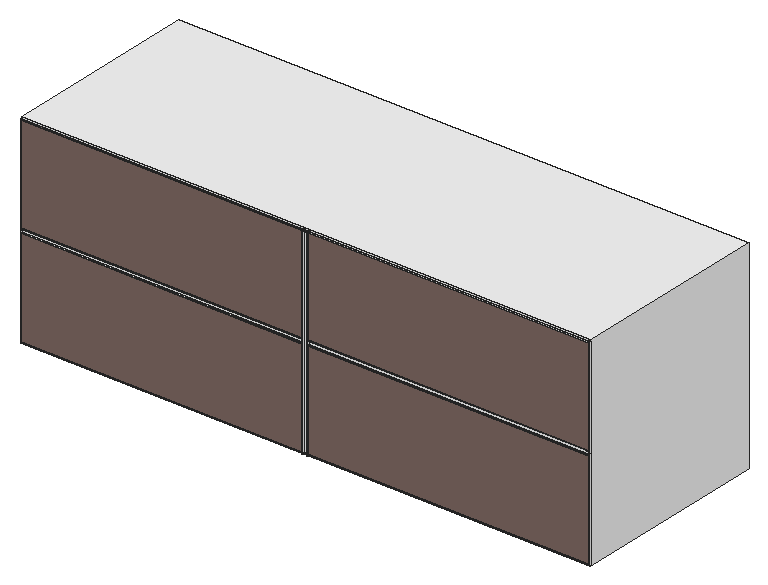
Revit family "vanity unit-hansgrohe-54199XXX-Xevolos E Vanity unit Matt White 1570_550 with 4 drawers for consoles with 2 countertop basins ground", category Furniture, Revit 2019
Family settings
  OmniClass Number = 23.40.00.00
  OmniClass Title = Equipment and Furnishings
  Work Plane-Based = No
  Always vertical = Yes
  Cut with Voids When Loaded = No
  Shared = Yes
  Room Calculation Point = No
Parameters (values of type "54199730-MATT_WHITE-DARK_OAK-200")
  etim7_EC011381 = "EC011381"
  WEIGHT = "92.3"
  UNSPSC = "56 | Furniture and Furnishings"
  UNIFORMATII = "E2010 | Fixed Furnishings"
  UNICLASS_2015_CODE = "40_30_78_05"
  UNICLASS2015 = "Pr_40_30_78_05 | Bathroom furniture"
  SURFACE = "DARK_OAK"
  REGION = "Worldwide"
  PRODUCTURL = "https://pro.hansgrohe.com/articledetail--54199320"
  PERMALINK = "54199XXX"
  OMNICLASS = "23-21 19 15 33 13 | Residential Bathroom Specialty Casework"
  OBJECTTYPE = "Object (single object)"
  OBERFLAECHE = "MATT_WHITE"
  NN = "Vanity unit with 4 drawers for consoles with 2 countertop basins ground"
  NBSYN = "$ARTNR.-$OBERFLAECHE.-$SURFACE.-$LODLEVEL."
  NB = "54199730-MATT_WHITE-DARK_OAK-200"
  NAME = "Xevolos E Vanity unit Matt White 1570/550 with 4 drawers for consoles with 2 countertop basins ground"
  Model = "54199730-MATT_WHITE-DARK_OAK-200"
  Manufacturer = "Hansgrohe"
  MIdent = "{$CADENAS_DATA/23d-libs/hansgrohe/xevolos_furniture/e_vanity_unit_4drawers_consoles_2countertop_basin/vanity_unit_4drawers_consoles_2countertopbasin.prj},278 {VTYP=3D},{NB=54199730-MATT_WHITE-DARK_OAK-200},{LINA=54199730-MATT_WHITE-DARK_OAK-200},{NN=Vanity unit with 4 drawers for consoles with 2 countertop basins ground},{DATE=13.03.2023 11:55:27},{GEOMDATE=12.03.2023 06:39:00},{VERSION=},{LINEID=120},{WBVAR=LODLEVEL},{WBNUMERIC=}  {NB=54199730-MATT_WHITE-DARK_OAK-200},{LINA=54199730-MATT_WHITE-DARK_OAK-200},{KT=DUMMY},{IDNR=12},{ARTNR=54199730},{BASENUMBER=54199},{MODEL=54199XXX},{OBERFLAECHE=MATT_WHITE},{SURFACE=DARK_OAK},{L=1570},{LODLEVEL=200},{LODLEVELX='400','400','200','200'},{NAME=Xevolos E Vanity unit Matt White 1570/550 with 4 drawers for consoles with 2 countertop basins ground},{PERMALINK=54199XXX},{OBJECTTYPE=Object (single object)},{BIMOBJECT=Sanitary: Compound units},{COLLECTIONSET=Xevolos E},{COLLECTION=vanity unit},{WEIGHT=92.3},{DESCRIPTION=Xevolos E Vanity unit Matt White 1570/550 with 4 drawers for consoles with 2 countertop basins ground},{PRODUCTURL=https://pro.hansgrohe.com/articledetail--54199320},{GTINCODE=0},{TENDERURL=0},{IFC=Furnishing element},{ETIM=EC011381 | Bathroom furniture set},{UNICLASS2015=Pr_40_30_78_05 | Bathroom furniture},{OMNICLASS=23-21 19 15 33 13 | Residential Bathroom Specialty Casework},{MASTERFORMAT=12 35 30.23 | Bathroom Casework},{UNSPSC=56 | Furniture and Furnishings},{UNIFORMATII=E2010 | Fixed Furnishings},{REGION=Worldwide},{DESIGN=Germany},{MANUFACTURER=Germany}"
  MASTERFORMAT = "12 35 30.23 | Bathroom Casework"
  LODLEVEL = "200"
  LINA = "54199730-MATT_WHITE-DARK_OAK-200"
  L = 1570
  IFC = "Furnishing element"
  IDNR = 12
  ETIM = "EC011381 | Bathroom furniture set"
  DESIGN = "Germany"
  COLLECTIONSET = "Xevolos E"
  COLLECTION = "vanity unit"
  CATALOG = "Hansgrohe"
  BIMOBJECT = "Sanitary: Compound units"
  BASENUMBER = "54199"
  ARTNR = "54199730"
  54199730-MATT_WHITE-DARK_OAK-400_RX0RY0RZ0TX0TY0TZ0_V = no
  54199730-MATT_WHITE-DARK_OAK-200_RX0RY0RZ0TX0TY0TZ0_V = yes
  54199390-MATT_WHITE-PATTEREND_BRONZE-400_RX0RY0RZ0TX0TY0TZ0_V = no
  54199390-MATT_WHITE-PATTEREND_BRONZE-200_RX0RY0RZ0TX0TY0TZ0_V = no
  54199320-MATT_WHITE-METALLIC_WHITE-400_RX0RY0RZ0TX0TY0TZ0_V = no
  54199320-MATT_WHITE-METALLIC_WHITE-200_RX0RY0RZ0TX0TY0TZ0_V = no
Reference planes
  plane 1 "Center (Front/Back)": y = 0
  plane 2: z = 0
  plane 3 "Center (Left/Right)": x = 0
Dimensions and locks
  aligned and locked: level to plane 2
Nested families
  nested 1: "54199320-matt_white-metallic_white-200_content" at (0, 0, 0), visible <- "54199320-MATT_WHITE-METALLIC_WHITE-200_RX0RY0RZ0TX0TY0TZ0_V", ContentVisible <- "54199320-MATT_WHITE-METALLIC_WHITE-200_RX0RY0RZ0TX0TY0TZ0_V", type "54199320-MATT_WHITE-METALLIC_WHITE-200_Content"
    with ContentVisible no
  nested 2: "54199320-matt_white-metallic_white-400_content" at (0, 0, 0), visible <- "54199320-MATT_WHITE-METALLIC_WHITE-400_RX0RY0RZ0TX0TY0TZ0_V", ContentVisible <- "54199320-MATT_WHITE-METALLIC_WHITE-400_RX0RY0RZ0TX0TY0TZ0_V", type "54199320-MATT_WHITE-METALLIC_WHITE-400_Content"
    with ContentVisible no
  nested 3: "54199390-matt_white-patterend_bronze-200_content" at (0, 0, 0), visible <- "54199390-MATT_WHITE-PATTEREND_BRONZE-200_RX0RY0RZ0TX0TY0TZ0_V", ContentVisible <- "54199390-MATT_WHITE-PATTEREND_BRONZE-200_RX0RY0RZ0TX0TY0TZ0_V", type "54199390-MATT_WHITE-PATTEREND_BRONZE-200_Content"
    with ContentVisible no
  nested 4: "54199390-matt_white-patterend_bronze-400_content" at (0, 0, 0), visible <- "54199390-MATT_WHITE-PATTEREND_BRONZE-400_RX0RY0RZ0TX0TY0TZ0_V", ContentVisible <- "54199390-MATT_WHITE-PATTEREND_BRONZE-400_RX0RY0RZ0TX0TY0TZ0_V", type "54199390-MATT_WHITE-PATTEREND_BRONZE-400_Content"
    with ContentVisible no
  nested 5: "54199730-matt_white-dark_oak-200_content" at (0, 0, 0), visible <- "54199730-MATT_WHITE-DARK_OAK-200_RX0RY0RZ0TX0TY0TZ0_V", ContentVisible <- "54199730-MATT_WHITE-DARK_OAK-200_RX0RY0RZ0TX0TY0TZ0_V", type "54199730-MATT_WHITE-DARK_OAK-200_Content"
    with ContentVisible yes
  nested 6: "54199730-matt_white-dark_oak-400_content" at (0, 0, 0), visible <- "54199730-MATT_WHITE-DARK_OAK-400_RX0RY0RZ0TX0TY0TZ0_V", ContentVisible <- "54199730-MATT_WHITE-DARK_OAK-400_RX0RY0RZ0TX0TY0TZ0_V", type "54199730-MATT_WHITE-DARK_OAK-400_Content"
    with ContentVisible no
Definition of nested family "54199730-matt_white-dark_oak-200_content"
  Parameters (values of type "54199730-MATT_WHITE-DARK_OAK-200_Content")
    etim7_EC011381 = "EC011381"
    WEIGHT = "92.3"
    UNSPSC = "56 | Furniture and Furnishings"
    UNIFORMATII = "E2010 | Fixed Furnishings"
    UNICLASS_2015_CODE = "40_30_78_05"
    UNICLASS2015 = "Pr_40_30_78_05 | Bathroom furniture"
    SURFACE = "DARK_OAK"
    REGION = "Worldwide"
    PRODUCTURL = "https://pro.hansgrohe.com/articledetail--54199320"
    PERMALINK = "54199XXX"
    OMNICLASS = "23-21 19 15 33 13 | Residential Bathroom Specialty Casework"
    OBJECTTYPE = "Object (single object)"
    OBERFLAECHE = "MATT_WHITE"
    NN = "Vanity unit with 4 drawers for consoles with 2 countertop basins ground"
    NBSYN = "$ARTNR.-$OBERFLAECHE.-$SURFACE.-$LODLEVEL."
    NB = "54199730-MATT_WHITE-DARK_OAK-200"
    NAME = "Xevolos E Vanity unit Matt White 1570/550 with 4 drawers for consoles with 2 countertop basins ground"
    Model = "54199730-MATT_WHITE-DARK_OAK-200"
    Manufacturer = "Hansgrohe"
    MASTERFORMAT = "12 35 30.23 | Bathroom Casework"
    LODLEVEL = "200"
    LINA = "54199730-MATT_WHITE-DARK_OAK-200"
    L = 1570
    IFC = "Furnishing element"
    IDNR = 12
    ETIM = "EC011381 | Bathroom furniture set"
    Default Elevation = 1219.2 mm
    DESIGN = "Germany"
    ContentVisible [instance] = yes
    COLLECTIONSET = "Xevolos E"
    COLLECTION = "vanity unit"
    CATALOG = "Hansgrohe"
    BIMOBJECT = "Sanitary: Compound units"
    BASENUMBER = "54199"
    ARTNR = "54199730"
  Reference planes
    plane 1 "Center (Front/Back)": y = 0
    plane 2: z = 0
    plane 3 "Center (Left/Right)": x = 0
  Forms (mm)
    Extrusion 1, solid, visible <- "ContentVisible", detail levels medium+fine
      sketch origin (0, 0, 0) x (1, 0, 0) y (0, 1, 0)
        loop
          line (-785, 0) -> (-785, -544.3) -> (785, -544.3) -> (785, 0) -> (-785, 0)
      from 0 to 558
    Extrusion 2, solid, visible <- "ContentVisible", detail levels medium+fine
      sketch origin (0, -544.3, 0) x (1, 0, 0) y (0, 0, -1)
        loop
          line (-785, -278) -> (-783, -278) -> (-783, -4) -> (783, -4) -> (783, -278) -> (785, -278) -> (785, -2) -> (-785, -2) -> (-785, -278)
      from -4 to 0
    Extrusion 3, solid, visible <- "ContentVisible", detail levels medium+fine
      sketch origin (0, -544.3, 0) x (1, 0, 0) y (0, 0, -1)
        loop
          line (-785, -278) -> (-785, -554) -> (785, -554) -> (785, -278) -> (783, -278) -> (783, -552) -> (-783, -552) -> (-783, -278) -> (-785, -278)
      from -4 to 0
    Extrusion 4, solid, visible <- "ContentVisible", detail levels medium+fine
      sketch origin (0, -544.3, 0) x (1, 0, 0) y (0, 0, -1)
        loop
          line (-783, -272.5) -> (-7, -272.5) -> (-7, -4) -> (-783, -4) -> (-783, -272.5)
      from -4 to 0
    Extrusion 5, solid, visible <- "ContentVisible", detail levels medium+fine
      sketch origin (0, -544.3, 0) x (1, 0, 0) y (0, 0, -1)
        loop
          line (7, -272.5) -> (783, -272.5) -> (783, -4) -> (7, -4) -> (7, -272.5)
      from -2 to 0
    Extrusion 6, solid, visible <- "ContentVisible", detail levels medium+fine
      sketch origin (0, -544.3, 0) x (1, 0, 0) y (0, 0, -1)
        loop
          line (-783, -554) -> (-7, -554) -> (-7, -285.5) -> (-783, -285.5) -> (-783, -554)
      from -4 to 0
    Extrusion 7, solid, visible <- "ContentVisible", detail levels medium+fine
      sketch origin (0, -544.3, 0) x (1, 0, 0) y (0, 0, -1)
        loop
          line (7, -554) -> (783, -554) -> (783, -285.5) -> (7, -285.5) -> (7, -554)
      from -4 to 0
    Extrusion 8, solid, visible <- "ContentVisible", detail levels medium+fine
      sketch origin (0, 0, 272.5) x (1, 0, 0) y (0, 1, 0)
        loop
          line (-783, -527) -> (-783, -548.3) -> (-7, -548.3) -> (-7, -527) -> (-783, -527)
      from 0 to 2
    Extrusion 9, solid, visible <- "ContentVisible", detail levels medium+fine
      sketch origin (0, 0, 272.5) x (1, 0, 0) y (0, 1, 0)
        loop
          line (7, -527) -> (7, -548.3) -> (783, -548.3) -> (783, -527) -> (7, -527)
      from 0 to 2
    Extrusion 10, solid, visible <- "ContentVisible", detail levels medium+fine
      sketch origin (0, 0, 285.5) x (1, 0, 0) y (0, 1, 0)
        loop
          line (-783, -527) -> (-783, -548.3) -> (-7, -548.3) -> (-7, -527) -> (-783, -527)
      from -2 to 0
    Extrusion 11, solid, visible <- "ContentVisible", detail levels medium+fine
      sketch origin (0, 0, 285.5) x (1, 0, 0) y (0, 1, 0)
        loop
          line (7, -527) -> (7, -548.3) -> (783, -548.3) -> (783, -527) -> (7, -527)
      from -2 to 0
    Extrusion 12, solid, visible <- "ContentVisible", detail levels medium+fine
      sketch origin (0, 0, 0) x (1, 0, 0) y (0, 1, 0)
        loop
          line (-7, -544.3) -> (-7, -548.3) -> (-5, -548.3) -> (-5, -544.3) -> (-7, -544.3)
      from 0 to 554
    Extrusion 13, solid, visible <- "ContentVisible", detail levels medium+fine
      sketch origin (0, 0, 0) x (1, 0, 0) y (0, 1, 0)
        loop
          line (5, -544.3) -> (5, -548.3) -> (7, -548.3) -> (7, -544.3) -> (5, -544.3)
      from 0 to 554
    Extrusion 14, solid, visible <- "ContentVisible", detail levels coarse
      sketch origin (0, -274.15, 0) x (1, 0, 0) y (0, 1, 0)
        loop
          line (-785, -274.15) -> (785, -274.15) -> (785, 274.15) -> (-785, 274.15) -> (-785, -274.15)
      from 0 to 558
  Dimensions and locks
    aligned and locked: level to plane 2
Definition of nested family "54199320-matt_white-metallic_white-200_content"
  Parameters (values of type "54199320-MATT_WHITE-METALLIC_WHITE-200_Content")
    etim7_EC011381 = "EC011381"
    WEIGHT = "92.3"
    UNSPSC = "56 | Furniture and Furnishings"
    UNIFORMATII = "E2010 | Fixed Furnishings"
    UNICLASS_2015_CODE = "40_30_78_05"
    UNICLASS2015 = "Pr_40_30_78_05 | Bathroom furniture"
    SURFACE = "METALLIC_WHITE"
    REGION = "Worldwide"
    PRODUCTURL = "https://pro.hansgrohe.com/articledetail--54199320"
    PERMALINK = "54199XXX"
    OMNICLASS = "23-21 19 15 33 13 | Residential Bathroom Specialty Casework"
    OBJECTTYPE = "Object (single object)"
    OBERFLAECHE = "MATT_WHITE"
    NN = "Vanity unit with 4 drawers for consoles with 2 countertop basins ground"
    NBSYN = "$ARTNR.-$OBERFLAECHE.-$SURFACE.-$LODLEVEL."
    NB = "54199320-MATT_WHITE-METALLIC_WHITE-200"
    NAME = "Xevolos E Vanity unit Matt White 1570/550 with 4 drawers for consoles with 2 countertop basins ground"
    Model = "54199320-MATT_WHITE-METALLIC_WHITE-200"
    Manufacturer = "Hansgrohe"
    MASTERFORMAT = "12 35 30.23 | Bathroom Casework"
    LODLEVEL = "200"
    LINA = "54199320-MATT_WHITE-METALLIC_WHITE-200"
    L = 1570
    IFC = "Furnishing element"
    IDNR = 10
    ETIM = "EC011381 | Bathroom furniture set"
    Default Elevation = 1219.2 mm
    DESIGN = "Germany"
    ContentVisible [instance] = yes
    COLLECTIONSET = "Xevolos E"
    COLLECTION = "vanity unit"
    CATALOG = "Hansgrohe"
    BIMOBJECT = "Sanitary: Compound units"
    BASENUMBER = "54199"
    ARTNR = "54199320"
  Reference planes
    plane 1 "Center (Front/Back)": y = 0
    plane 2: z = 0
    plane 3 "Center (Left/Right)": x = 0
  Forms (mm)
    Extrusion 1, solid, visible <- "ContentVisible", detail levels medium+fine
      sketch origin (0, 0, 0) x (1, 0, 0) y (0, 1, 0)
        loop
          line (-785, 0) -> (-785, -544.3) -> (785, -544.3) -> (785, 0) -> (-785, 0)
      from 0 to 558
    Extrusion 2, solid, visible <- "ContentVisible", detail levels medium+fine
      sketch origin (0, -544.3, 0) x (1, 0, 0) y (0, 0, -1)
        loop
          line (-785, -278) -> (-783, -278) -> (-783, -4) -> (783, -4) -> (783, -278) -> (785, -278) -> (785, -2) -> (-785, -2) -> (-785, -278)
      from -4 to 0
    Extrusion 3, solid, visible <- "ContentVisible", detail levels medium+fine
      sketch origin (0, -544.3, 0) x (1, 0, 0) y (0, 0, -1)
        loop
          line (-785, -278) -> (-785, -554) -> (785, -554) -> (785, -278) -> (783, -278) -> (783, -552) -> (-783, -552) -> (-783, -278) -> (-785, -278)
      from -4 to 0
    Extrusion 4, solid, visible <- "ContentVisible", detail levels medium+fine
      sketch origin (0, -544.3, 0) x (1, 0, 0) y (0, 0, -1)
        loop
          line (-783, -272.5) -> (-7, -272.5) -> (-7, -4) -> (-783, -4) -> (-783, -272.5)
      from -4 to 0
    Extrusion 5, solid, visible <- "ContentVisible", detail levels medium+fine
      sketch origin (0, -544.3, 0) x (1, 0, 0) y (0, 0, -1)
        loop
          line (7, -272.5) -> (783, -272.5) -> (783, -4) -> (7, -4) -> (7, -272.5)
      from -2 to 0
    Extrusion 6, solid, visible <- "ContentVisible", detail levels medium+fine
      sketch origin (0, -544.3, 0) x (1, 0, 0) y (0, 0, -1)
        loop
          line (-783, -554) -> (-7, -554) -> (-7, -285.5) -> (-783, -285.5) -> (-783, -554)
      from -4 to 0
    Extrusion 7, solid, visible <- "ContentVisible", detail levels medium+fine
      sketch origin (0, -544.3, 0) x (1, 0, 0) y (0, 0, -1)
        loop
          line (7, -554) -> (783, -554) -> (783, -285.5) -> (7, -285.5) -> (7, -554)
      from -4 to 0
    Extrusion 8, solid, visible <- "ContentVisible", detail levels medium+fine
      sketch origin (0, 0, 272.5) x (1, 0, 0) y (0, 1, 0)
        loop
          line (-783, -527) -> (-783, -548.3) -> (-7, -548.3) -> (-7, -527) -> (-783, -527)
      from 0 to 2
    Extrusion 9, solid, visible <- "ContentVisible", detail levels medium+fine
      sketch origin (0, 0, 272.5) x (1, 0, 0) y (0, 1, 0)
        loop
          line (7, -527) -> (7, -548.3) -> (783, -548.3) -> (783, -527) -> (7, -527)
      from 0 to 2
    Extrusion 10, solid, visible <- "ContentVisible", detail levels medium+fine
      sketch origin (0, 0, 285.5) x (1, 0, 0) y (0, 1, 0)
        loop
          line (-783, -527) -> (-783, -548.3) -> (-7, -548.3) -> (-7, -527) -> (-783, -527)
      from -2 to 0
    Extrusion 11, solid, visible <- "ContentVisible", detail levels medium+fine
      sketch origin (0, 0, 285.5) x (1, 0, 0) y (0, 1, 0)
        loop
          line (7, -527) -> (7, -548.3) -> (783, -548.3) -> (783, -527) -> (7, -527)
      from -2 to 0
    Extrusion 12, solid, visible <- "ContentVisible", detail levels medium+fine
      sketch origin (0, 0, 0) x (1, 0, 0) y (0, 1, 0)
        loop
          line (-7, -544.3) -> (-7, -548.3) -> (-5, -548.3) -> (-5, -544.3) -> (-7, -544.3)
      from 0 to 554
    Extrusion 13, solid, visible <- "ContentVisible", detail levels medium+fine
      sketch origin (0, 0, 0) x (1, 0, 0) y (0, 1, 0)
        loop
          line (5, -544.3) -> (5, -548.3) -> (7, -548.3) -> (7, -544.3) -> (5, -544.3)
      from 0 to 554
    Extrusion 14, solid, visible <- "ContentVisible", detail levels coarse
      sketch origin (0, -274.15, 0) x (1, 0, 0) y (0, 1, 0)
        loop
          line (-785, -274.15) -> (785, -274.15) -> (785, 274.15) -> (-785, 274.15) -> (-785, -274.15)
      from 0 to 558
  Dimensions and locks
    aligned and locked: level to plane 2
Definition of nested family "54199320-matt_white-metallic_white-400_content"
  Parameters (values of type "54199320-MATT_WHITE-METALLIC_WHITE-400_Content")
    etim7_EC011381 = "EC011381"
    WEIGHT = "92.3"
    UNSPSC = "56 | Furniture and Furnishings"
    UNIFORMATII = "E2010 | Fixed Furnishings"
    UNICLASS_2015_CODE = "40_30_78_05"
    UNICLASS2015 = "Pr_40_30_78_05 | Bathroom furniture"
    SURFACE = "METALLIC_WHITE"
    REGION = "Worldwide"
    PRODUCTURL = "https://pro.hansgrohe.com/articledetail--54199320"
    PERMALINK = "54199XXX"
    OMNICLASS = "23-21 19 15 33 13 | Residential Bathroom Specialty Casework"
    OBJECTTYPE = "Object (single object)"
    OBERFLAECHE = "MATT_WHITE"
    NN = "Vanity unit with 4 drawers for consoles with 2 countertop basins ground"
    NBSYN = "$ARTNR.-$OBERFLAECHE.-$SURFACE.-$LODLEVEL."
    NB = "54199320-MATT_WHITE-METALLIC_WHITE-400"
    NAME = "Xevolos E Vanity unit Matt White 1570/550 with 4 drawers for consoles with 2 countertop basins ground"
    Model = "54199320-MATT_WHITE-METALLIC_WHITE-400"
    Manufacturer = "Hansgrohe"
    MASTERFORMAT = "12 35 30.23 | Bathroom Casework"
    LODLEVEL = "400"
    LINA = "54199320-MATT_WHITE-METALLIC_WHITE-400"
    L = 1570
    IFC = "Furnishing element"
    IDNR = 10
    ETIM = "EC011381 | Bathroom furniture set"
    Default Elevation = 1219.2 mm
    DESIGN = "Germany"
    ContentVisible [instance] = yes
    COLLECTIONSET = "Xevolos E"
    COLLECTION = "vanity unit"
    CATALOG = "Hansgrohe"
    BIMOBJECT = "Sanitary: Compound units"
    BASENUMBER = "54199"
    ARTNR = "54199320"
  Reference planes
    plane 1 "Center (Front/Back)": y = 0
    plane 2: z = 0
    plane 3 "Center (Left/Right)": x = 0
  Forms (mm)
    Extrusion 1, solid, visible <- "ContentVisible", detail levels medium+fine
      sketch origin (0, 0, 0) x (1, 0, 0) y (0, 1, 0)
        loop
          line (-785, 0) -> (-785, -548.3) -> (-783, -548.3) -> (-783, -544.3) -> (-769, -544.3) -> (-769, 0) -> (-785, 0)
      from 0 to 558
    Extrusion 2, solid, visible <- "ContentVisible", detail levels medium+fine
      sketch origin (0, 0, 0) x (1, 0, 0) y (0, 1, 0)
        loop
          line (-769, -131.5) -> (-769, -498) -> (769, -498) -> (769, -131.5) -> (-769, -131.5)
      from 0 to 16
    Extrusion 3, solid, visible <- "ContentVisible", detail levels medium+fine
      sketch origin (0, 0, 0) x (1, 0, 0) y (0, 1, 0)
        loop
          line (769, 0) -> (769, -544.3) -> (783, -544.3) -> (783, -548.3) -> (785, -548.3) -> (785, 0) -> (769, 0)
      from 0 to 558
    Extrusion 4, solid, visible <- "ContentVisible", detail levels medium+fine
      sketch origin (0, 0, 0.5) x (1, 0, 0) y (0, 1, 0)
        loop
          line (-769, -115.5) -> (-769, -131.5) -> (769, -131.5) -> (769, -115.5) -> (-769, -115.5)
      from 0 to 126
    Extrusion 5, solid, visible <- "ContentVisible", detail levels medium+fine
      sketch origin (0, 0, 0) x (1, 0, 0) y (0, 1, 0)
        loop
          line (-5, -536) -> (5, -536) -> (5, 0) -> (-5, 0) -> (-5, -536)
      from 0 to 558
    Extrusion 6, solid, visible <- "ContentVisible", detail levels medium+fine
      sketch origin (0, 0, 0) x (1, 0, 0) y (0, 1, 0)
        loop
          line (-21, 0) -> (-21, -544.3) -> (-7, -544.3) -> (-7, -548.3) -> (-5, -548.3) -> (-5, 0) -> (-21, 0)
      from 0 to 558
    Extrusion 7, solid, visible <- "ContentVisible", detail levels medium+fine
      sketch origin (0, 0, 0) x (1, 0, 0) y (0, 1, 0)
        loop
          line (5, 0) -> (5, -548.3) -> (7, -548.3) -> (7, -544.3) -> (21, -544.3) -> (21, 0) -> (5, 0)
      from 0 to 558
    Extrusion 8, solid, visible <- "ContentVisible", detail levels medium+fine
      sketch origin (0, 0, 2) x (1, 0, 0) y (0, 1, 0)
        loop
          line (-783, -527) -> (-783, -548.3) -> (-7, -548.3) -> (-7, -527) -> (-783, -527)
      from 0 to 2
    Extrusion 9, solid, visible <- "ContentVisible", detail levels medium+fine
      sketch origin (0, 0, 2) x (1, 0, 0) y (0, 1, 0)
        loop
          line (7, -527) -> (7, -548.3) -> (783, -548.3) -> (783, -527) -> (7, -527)
      from 0 to 2
    Extrusion 10, solid, visible <- "ContentVisible", detail levels medium+fine
      sketch origin (0, 0, 556) x (1, 0, 0) y (0, 1, 0)
        loop
          line (-783, -527) -> (-783, -548.3) -> (-7, -548.3) -> (-7, -527) -> (-783, -527)
      from -2 to 0
    Extrusion 11, solid, visible <- "ContentVisible", detail levels medium+fine
      sketch origin (0, 0, 556) x (1, 0, 0) y (0, 1, 0)
        loop
          line (7, -527) -> (7, -548.3) -> (783, -548.3) -> (783, -527) -> (7, -527)
      from -2 to 0
    Extrusion 12, solid, visible <- "ContentVisible", detail levels medium+fine
      sketch origin (0, -544.3, 0) x (1, 0, 0) y (0, 0, -1)
        loop
          line (-783, -272.5) -> (-7, -272.5) -> (-7, -4) -> (-783, -4) -> (-783, -272.5)
      from -4 to 0
    Extrusion 13, solid, visible <- "ContentVisible", detail levels medium+fine
      sketch origin (0, -544.3, 0) x (1, 0, 0) y (0, 0, -1)
        loop
          line (7, -272.5) -> (783, -272.5) -> (783, -4) -> (7, -4) -> (7, -272.5)
      from -2 to 0
    Extrusion 14, solid, visible <- "ContentVisible", detail levels medium+fine
      sketch origin (0, -544.3, 0) x (1, 0, 0) y (0, 0, -1)
        loop
          line (-783, -554) -> (-7, -554) -> (-7, -285.5) -> (-783, -285.5) -> (-783, -554)
      from -4 to 0
    Extrusion 15, solid, visible <- "ContentVisible", detail levels medium+fine
      sketch origin (0, -544.3, 0) x (1, 0, 0) y (0, 0, -1)
        loop
          line (7, -554) -> (783, -554) -> (783, -285.5) -> (7, -285.5) -> (7, -554)
      from -4 to 0
    Extrusion 16, solid, visible <- "ContentVisible", detail levels medium+fine
      sketch origin (0, 0, 272.5) x (1, 0, 0) y (0, 1, 0)
        loop
          line (-783, -527) -> (-783, -548.3) -> (-7, -548.3) -> (-7, -527) -> (-783, -527)
      from 0 to 2
    Extrusion 17, solid, visible <- "ContentVisible", detail levels medium+fine
      sketch origin (0, 0, 272.5) x (1, 0, 0) y (0, 1, 0)
        loop
          line (7, -527) -> (7, -548.3) -> (783, -548.3) -> (783, -527) -> (7, -527)
      from 0 to 2
    Extrusion 18, solid, visible <- "ContentVisible", detail levels medium+fine
      sketch origin (0, 0, 285.5) x (1, 0, 0) y (0, 1, 0)
        loop
          line (-783, -527) -> (-783, -548.3) -> (-7, -548.3) -> (-7, -527) -> (-783, -527)
      from -2 to 0
    Extrusion 19, solid, visible <- "ContentVisible", detail levels medium+fine
      sketch origin (0, 0, 285.5) x (1, 0, 0) y (0, 1, 0)
        loop
          line (7, -527) -> (7, -548.3) -> (783, -548.3) -> (783, -527) -> (7, -527)
      from -2 to 0
    Extrusion 20, solid, visible <- "ContentVisible", detail levels medium+fine
      sketch origin (0, -544.3, 0) x (1, 0, 0) y (0, 0, -1)
        loop
          line (-783, -274.5) -> (-7, -274.5) -> (-7, -4.5) -> (-783, -4.5) -> (-783, -274.5)
        loop
          line (-709, -80.5) -> (-709, -272.5) -> (-81, -272.5) -> (-81, -80.5) -> (-709, -80.5)
      from 0 to 17
    Extrusion 21, solid, visible <- "ContentVisible", detail levels medium+fine
      sketch origin (0, -544.3, 0) x (1, 0, 0) y (0, 0, -1)
        loop
          line (7, -4.5) -> (7, -274.5) -> (783, -274.5) -> (783, -4.5) -> (7, -4.5)
        loop
          line (81, -80.5) -> (81, -272.5) -> (709, -272.5) -> (709, -80.5) -> (81, -80.5)
      from 0 to 17
    Extrusion 22, solid, visible <- "ContentVisible", detail levels medium+fine
      sketch origin (0, -544.3, 0) x (1, 0, 0) y (0, 0, -1)
        loop
          line (-783, -553.5) -> (-707, -553.5) -> (-707, -361.5) -> (-83, -361.5) -> (-83, -553.5) -> (-7, -553.5) -> (-7, -285.5) -> (-783, -285.5) -> (-783, -553.5)
      from 0 to 17
    Extrusion 23, solid, visible <- "ContentVisible", detail levels medium+fine
      sketch origin (0, -544.3, 0) x (1, 0, 0) y (0, 0, -1)
        loop
          line (7, -285.5) -> (7, -553.5) -> (83, -553.5) -> (83, -361.5) -> (707, -361.5) -> (707, -553.5) -> (783, -553.5) -> (783, -285.5) -> (7, -285.5)
      from 0 to 17
    Extrusion 24, solid, visible <- "ContentVisible", detail levels medium+fine
      sketch origin (0, 0, 0) x (0, 0, -1) y (0, 1, 0)
        loop
          line (-285, -395.5) -> (-285, -520) -> (-269, -520) -> (-269, -395.5) -> (-285, -395.5)
      from -769 to 769
    Extrusion 25, solid, visible <- "ContentVisible", detail levels medium+fine
      sketch origin (0, 0, 557.5) x (1, 0, 0) y (0, 1, 0)
        loop
          line (-769, -521.5) -> (-21, -521.5) -> (-21, -23) -> (-195, -23) -> (-195, -273)
          arc (-195, -273) -> (-224.289, -343.711) -> (-295, -373) r 100
          line (-295, -373) -> (-395, -373)
          arc (-395, -373) -> (-465.711, -343.711) -> (-495, -273) r 100
          line (-495, -273) -> (-495, -23) -> (-769, -23) -> (-769, -521.5)
      from -16 to 0
    Extrusion 26, solid, visible <- "ContentVisible", detail levels medium+fine
      sketch origin (0, 0, 557.5) x (1, 0, 0) y (0, 1, 0)
        loop
          line (21, -23) -> (21, -521.5) -> (769, -521.5) -> (769, -23) -> (495, -23) -> (495, -273)
          arc (495, -273) -> (465.711, -343.711) -> (395, -373) r 100
          line (395, -373) -> (295, -373)
          arc (295, -373) -> (224.289, -343.711) -> (195, -273) r 100
          line (195, -273) -> (195, -23) -> (21, -23)
      from -16 to 0
    Extrusion 27, solid, visible <- "ContentVisible", detail levels coarse
      sketch origin (0, -274.15, 0) x (1, 0, 0) y (0, 1, 0)
        loop
          line (-785, -274.15) -> (785, -274.15) -> (785, 274.15) -> (-785, 274.15) -> (-785, -274.15)
      from 0 to 558
  Dimensions and locks
    aligned and locked: level to plane 2
Definition of nested family "54199390-matt_white-patterend_bronze-200_content"
  Parameters (values of type "54199390-MATT_WHITE-PATTEREND_BRONZE-200_Content")
    etim7_EC011381 = "EC011381"
    WEIGHT = "92.3"
    UNSPSC = "56 | Furniture and Furnishings"
    UNIFORMATII = "E2010 | Fixed Furnishings"
    UNICLASS_2015_CODE = "40_30_78_05"
    UNICLASS2015 = "Pr_40_30_78_05 | Bathroom furniture"
    SURFACE = "PATTEREND_BRONZE"
    REGION = "Worldwide"
    PRODUCTURL = "https://pro.hansgrohe.com/articledetail--54199320"
    PERMALINK = "54199XXX"
    OMNICLASS = "23-21 19 15 33 13 | Residential Bathroom Specialty Casework"
    OBJECTTYPE = "Object (single object)"
    OBERFLAECHE = "MATT_WHITE"
    NN = "Vanity unit with 4 drawers for consoles with 2 countertop basins ground"
    NBSYN = "$ARTNR.-$OBERFLAECHE.-$SURFACE.-$LODLEVEL."
    NB = "54199390-MATT_WHITE-PATTEREND_BRONZE-200"
    NAME = "Xevolos E Vanity unit Matt White 1570/550 with 4 drawers for consoles with 2 countertop basins ground"
    Model = "54199390-MATT_WHITE-PATTEREND_BRONZE-200"
    Manufacturer = "Hansgrohe"
    MASTERFORMAT = "12 35 30.23 | Bathroom Casework"
    LODLEVEL = "200"
    LINA = "54199390-MATT_WHITE-PATTEREND_BRONZE-200"
    L = 1570
    IFC = "Furnishing element"
    IDNR = 11
    ETIM = "EC011381 | Bathroom furniture set"
    Default Elevation = 1219.2 mm
    DESIGN = "Germany"
    ContentVisible [instance] = yes
    COLLECTIONSET = "Xevolos E"
    COLLECTION = "vanity unit"
    CATALOG = "Hansgrohe"
    BIMOBJECT = "Sanitary: Compound units"
    BASENUMBER = "54199"
    ARTNR = "54199390"
  Reference planes
    plane 1 "Center (Front/Back)": y = 0
    plane 2: z = 0
    plane 3 "Center (Left/Right)": x = 0
  Forms (mm)
    Extrusion 1, solid, visible <- "ContentVisible", detail levels medium+fine
      sketch origin (0, 0, 0) x (1, 0, 0) y (0, 1, 0)
        loop
          line (-785, 0) -> (-785, -544.3) -> (785, -544.3) -> (785, 0) -> (-785, 0)
      from 0 to 558
    Extrusion 2, solid, visible <- "ContentVisible", detail levels medium+fine
      sketch origin (0, -544.3, 0) x (1, 0, 0) y (0, 0, -1)
        loop
          line (-785, -278) -> (-783, -278) -> (-783, -4) -> (783, -4) -> (783, -278) -> (785, -278) -> (785, -2) -> (-785, -2) -> (-785, -278)
      from -4 to 0
    Extrusion 3, solid, visible <- "ContentVisible", detail levels medium+fine
      sketch origin (0, -544.3, 0) x (1, 0, 0) y (0, 0, -1)
        loop
          line (-785, -278) -> (-785, -554) -> (785, -554) -> (785, -278) -> (783, -278) -> (783, -552) -> (-783, -552) -> (-783, -278) -> (-785, -278)
      from -4 to 0
    Extrusion 4, solid, visible <- "ContentVisible", detail levels medium+fine
      sketch origin (0, -544.3, 0) x (1, 0, 0) y (0, 0, -1)
        loop
          line (-783, -272.5) -> (-7, -272.5) -> (-7, -4) -> (-783, -4) -> (-783, -272.5)
      from -4 to 0
    Extrusion 5, solid, visible <- "ContentVisible", detail levels medium+fine
      sketch origin (0, -544.3, 0) x (1, 0, 0) y (0, 0, -1)
        loop
          line (7, -272.5) -> (783, -272.5) -> (783, -4) -> (7, -4) -> (7, -272.5)
      from -2 to 0
    Extrusion 6, solid, visible <- "ContentVisible", detail levels medium+fine
      sketch origin (0, -544.3, 0) x (1, 0, 0) y (0, 0, -1)
        loop
          line (-783, -554) -> (-7, -554) -> (-7, -285.5) -> (-783, -285.5) -> (-783, -554)
      from -4 to 0
    Extrusion 7, solid, visible <- "ContentVisible", detail levels medium+fine
      sketch origin (0, -544.3, 0) x (1, 0, 0) y (0, 0, -1)
        loop
          line (7, -554) -> (783, -554) -> (783, -285.5) -> (7, -285.5) -> (7, -554)
      from -4 to 0
    Extrusion 8, solid, visible <- "ContentVisible", detail levels medium+fine
      sketch origin (0, 0, 272.5) x (1, 0, 0) y (0, 1, 0)
        loop
          line (-783, -527) -> (-783, -548.3) -> (-7, -548.3) -> (-7, -527) -> (-783, -527)
      from 0 to 2
    Extrusion 9, solid, visible <- "ContentVisible", detail levels medium+fine
      sketch origin (0, 0, 272.5) x (1, 0, 0) y (0, 1, 0)
        loop
          line (7, -527) -> (7, -548.3) -> (783, -548.3) -> (783, -527) -> (7, -527)
      from 0 to 2
    Extrusion 10, solid, visible <- "ContentVisible", detail levels medium+fine
      sketch origin (0, 0, 285.5) x (1, 0, 0) y (0, 1, 0)
        loop
          line (-783, -527) -> (-783, -548.3) -> (-7, -548.3) -> (-7, -527) -> (-783, -527)
      from -2 to 0
    Extrusion 11, solid, visible <- "ContentVisible", detail levels medium+fine
      sketch origin (0, 0, 285.5) x (1, 0, 0) y (0, 1, 0)
        loop
          line (7, -527) -> (7, -548.3) -> (783, -548.3) -> (783, -527) -> (7, -527)
      from -2 to 0
    Extrusion 12, solid, visible <- "ContentVisible", detail levels medium+fine
      sketch origin (0, 0, 0) x (1, 0, 0) y (0, 1, 0)
        loop
          line (-7, -544.3) -> (-7, -548.3) -> (-5, -548.3) -> (-5, -544.3) -> (-7, -544.3)
      from 0 to 554
    Extrusion 13, solid, visible <- "ContentVisible", detail levels medium+fine
      sketch origin (0, 0, 0) x (1, 0, 0) y (0, 1, 0)
        loop
          line (5, -544.3) -> (5, -548.3) -> (7, -548.3) -> (7, -544.3) -> (5, -544.3)
      from 0 to 554
    Extrusion 14, solid, visible <- "ContentVisible", detail levels coarse
      sketch origin (0, -274.15, 0) x (1, 0, 0) y (0, 1, 0)
        loop
          line (-785, -274.15) -> (785, -274.15) -> (785, 274.15) -> (-785, 274.15) -> (-785, -274.15)
      from 0 to 558
  Dimensions and locks
    aligned and locked: level to plane 2
Definition of nested family "54199390-matt_white-patterend_bronze-400_content"
  Parameters (values of type "54199390-MATT_WHITE-PATTEREND_BRONZE-400_Content")
    etim7_EC011381 = "EC011381"
    WEIGHT = "92.3"
    UNSPSC = "56 | Furniture and Furnishings"
    UNIFORMATII = "E2010 | Fixed Furnishings"
    UNICLASS_2015_CODE = "40_30_78_05"
    UNICLASS2015 = "Pr_40_30_78_05 | Bathroom furniture"
    SURFACE = "PATTEREND_BRONZE"
    REGION = "Worldwide"
    PRODUCTURL = "https://pro.hansgrohe.com/articledetail--54199320"
    PERMALINK = "54199XXX"
    OMNICLASS = "23-21 19 15 33 13 | Residential Bathroom Specialty Casework"
    OBJECTTYPE = "Object (single object)"
    OBERFLAECHE = "MATT_WHITE"
    NN = "Vanity unit with 4 drawers for consoles with 2 countertop basins ground"
    NBSYN = "$ARTNR.-$OBERFLAECHE.-$SURFACE.-$LODLEVEL."
    NB = "54199390-MATT_WHITE-PATTEREND_BRONZE-400"
    NAME = "Xevolos E Vanity unit Matt White 1570/550 with 4 drawers for consoles with 2 countertop basins ground"
    Model = "54199390-MATT_WHITE-PATTEREND_BRONZE-400"
    Manufacturer = "Hansgrohe"
    MASTERFORMAT = "12 35 30.23 | Bathroom Casework"
    LODLEVEL = "400"
    LINA = "54199390-MATT_WHITE-PATTEREND_BRONZE-400"
    L = 1570
    IFC = "Furnishing element"
    IDNR = 11
    ETIM = "EC011381 | Bathroom furniture set"
    Default Elevation = 1219.2 mm
    DESIGN = "Germany"
    ContentVisible [instance] = yes
    COLLECTIONSET = "Xevolos E"
    COLLECTION = "vanity unit"
    CATALOG = "Hansgrohe"
    BIMOBJECT = "Sanitary: Compound units"
    BASENUMBER = "54199"
    ARTNR = "54199390"
  Reference planes
    plane 1 "Center (Front/Back)": y = 0
    plane 2: z = 0
    plane 3 "Center (Left/Right)": x = 0
  Forms (mm)
    Extrusion 1, solid, visible <- "ContentVisible", detail levels medium+fine
      sketch origin (0, 0, 0) x (1, 0, 0) y (0, 1, 0)
        loop
          line (-785, 0) -> (-785, -548.3) -> (-783, -548.3) -> (-783, -544.3) -> (-769, -544.3) -> (-769, 0) -> (-785, 0)
      from 0 to 558
    Extrusion 2, solid, visible <- "ContentVisible", detail levels medium+fine
      sketch origin (0, 0, 0) x (1, 0, 0) y (0, 1, 0)
        loop
          line (-769, -131.5) -> (-769, -498) -> (769, -498) -> (769, -131.5) -> (-769, -131.5)
      from 0 to 16
    Extrusion 3, solid, visible <- "ContentVisible", detail levels medium+fine
      sketch origin (0, 0, 0) x (1, 0, 0) y (0, 1, 0)
        loop
          line (769, 0) -> (769, -544.3) -> (783, -544.3) -> (783, -548.3) -> (785, -548.3) -> (785, 0) -> (769, 0)
      from 0 to 558
    Extrusion 4, solid, visible <- "ContentVisible", detail levels medium+fine
      sketch origin (0, 0, 0.5) x (1, 0, 0) y (0, 1, 0)
        loop
          line (-769, -115.5) -> (-769, -131.5) -> (769, -131.5) -> (769, -115.5) -> (-769, -115.5)
      from 0 to 126
    Extrusion 5, solid, visible <- "ContentVisible", detail levels medium+fine
      sketch origin (0, 0, 0) x (1, 0, 0) y (0, 1, 0)
        loop
          line (-5, -536) -> (5, -536) -> (5, 0) -> (-5, 0) -> (-5, -536)
      from 0 to 558
    Extrusion 6, solid, visible <- "ContentVisible", detail levels medium+fine
      sketch origin (0, 0, 0) x (1, 0, 0) y (0, 1, 0)
        loop
          line (-21, 0) -> (-21, -544.3) -> (-7, -544.3) -> (-7, -548.3) -> (-5, -548.3) -> (-5, 0) -> (-21, 0)
      from 0 to 558
    Extrusion 7, solid, visible <- "ContentVisible", detail levels medium+fine
      sketch origin (0, 0, 0) x (1, 0, 0) y (0, 1, 0)
        loop
          line (5, 0) -> (5, -548.3) -> (7, -548.3) -> (7, -544.3) -> (21, -544.3) -> (21, 0) -> (5, 0)
      from 0 to 558
    Extrusion 8, solid, visible <- "ContentVisible", detail levels medium+fine
      sketch origin (0, 0, 2) x (1, 0, 0) y (0, 1, 0)
        loop
          line (-783, -527) -> (-783, -548.3) -> (-7, -548.3) -> (-7, -527) -> (-783, -527)
      from 0 to 2
    Extrusion 9, solid, visible <- "ContentVisible", detail levels medium+fine
      sketch origin (0, 0, 2) x (1, 0, 0) y (0, 1, 0)
        loop
          line (7, -527) -> (7, -548.3) -> (783, -548.3) -> (783, -527) -> (7, -527)
      from 0 to 2
    Extrusion 10, solid, visible <- "ContentVisible", detail levels medium+fine
      sketch origin (0, 0, 556) x (1, 0, 0) y (0, 1, 0)
        loop
          line (-783, -527) -> (-783, -548.3) -> (-7, -548.3) -> (-7, -527) -> (-783, -527)
      from -2 to 0
    Extrusion 11, solid, visible <- "ContentVisible", detail levels medium+fine
      sketch origin (0, 0, 556) x (1, 0, 0) y (0, 1, 0)
        loop
          line (7, -527) -> (7, -548.3) -> (783, -548.3) -> (783, -527) -> (7, -527)
      from -2 to 0
    Extrusion 12, solid, visible <- "ContentVisible", detail levels medium+fine
      sketch origin (0, -544.3, 0) x (1, 0, 0) y (0, 0, -1)
        loop
          line (-783, -272.5) -> (-7, -272.5) -> (-7, -4) -> (-783, -4) -> (-783, -272.5)
      from -4 to 0
    Extrusion 13, solid, visible <- "ContentVisible", detail levels medium+fine
      sketch origin (0, -544.3, 0) x (1, 0, 0) y (0, 0, -1)
        loop
          line (7, -272.5) -> (783, -272.5) -> (783, -4) -> (7, -4) -> (7, -272.5)
      from -2 to 0
    Extrusion 14, solid, visible <- "ContentVisible", detail levels medium+fine
      sketch origin (0, -544.3, 0) x (1, 0, 0) y (0, 0, -1)
        loop
          line (-783, -554) -> (-7, -554) -> (-7, -285.5) -> (-783, -285.5) -> (-783, -554)
      from -4 to 0
    Extrusion 15, solid, visible <- "ContentVisible", detail levels medium+fine
      sketch origin (0, -544.3, 0) x (1, 0, 0) y (0, 0, -1)
        loop
          line (7, -554) -> (783, -554) -> (783, -285.5) -> (7, -285.5) -> (7, -554)
      from -4 to 0
    Extrusion 16, solid, visible <- "ContentVisible", detail levels medium+fine
      sketch origin (0, 0, 272.5) x (1, 0, 0) y (0, 1, 0)
        loop
          line (-783, -527) -> (-783, -548.3) -> (-7, -548.3) -> (-7, -527) -> (-783, -527)
      from 0 to 2
    Extrusion 17, solid, visible <- "ContentVisible", detail levels medium+fine
      sketch origin (0, 0, 272.5) x (1, 0, 0) y (0, 1, 0)
        loop
          line (7, -527) -> (7, -548.3) -> (783, -548.3) -> (783, -527) -> (7, -527)
      from 0 to 2
    Extrusion 18, solid, visible <- "ContentVisible", detail levels medium+fine
      sketch origin (0, 0, 285.5) x (1, 0, 0) y (0, 1, 0)
        loop
          line (-783, -527) -> (-783, -548.3) -> (-7, -548.3) -> (-7, -527) -> (-783, -527)
      from -2 to 0
    Extrusion 19, solid, visible <- "ContentVisible", detail levels medium+fine
      sketch origin (0, 0, 285.5) x (1, 0, 0) y (0, 1, 0)
        loop
          line (7, -527) -> (7, -548.3) -> (783, -548.3) -> (783, -527) -> (7, -527)
      from -2 to 0
    Extrusion 20, solid, visible <- "ContentVisible", detail levels medium+fine
      sketch origin (0, -544.3, 0) x (1, 0, 0) y (0, 0, -1)
        loop
          line (-783, -274.5) -> (-7, -274.5) -> (-7, -4.5) -> (-783, -4.5) -> (-783, -274.5)
        loop
          line (-709, -80.5) -> (-709, -272.5) -> (-81, -272.5) -> (-81, -80.5) -> (-709, -80.5)
      from 0 to 17
    Extrusion 21, solid, visible <- "ContentVisible", detail levels medium+fine
      sketch origin (0, -544.3, 0) x (1, 0, 0) y (0, 0, -1)
        loop
          line (7, -4.5) -> (7, -274.5) -> (783, -274.5) -> (783, -4.5) -> (7, -4.5)
        loop
          line (81, -80.5) -> (81, -272.5) -> (709, -272.5) -> (709, -80.5) -> (81, -80.5)
      from 0 to 17
    Extrusion 22, solid, visible <- "ContentVisible", detail levels medium+fine
      sketch origin (0, -544.3, 0) x (1, 0, 0) y (0, 0, -1)
        loop
          line (-783, -553.5) -> (-707, -553.5) -> (-707, -361.5) -> (-83, -361.5) -> (-83, -553.5) -> (-7, -553.5) -> (-7, -285.5) -> (-783, -285.5) -> (-783, -553.5)
      from 0 to 17
    Extrusion 23, solid, visible <- "ContentVisible", detail levels medium+fine
      sketch origin (0, -544.3, 0) x (1, 0, 0) y (0, 0, -1)
        loop
          line (7, -285.5) -> (7, -553.5) -> (83, -553.5) -> (83, -361.5) -> (707, -361.5) -> (707, -553.5) -> (783, -553.5) -> (783, -285.5) -> (7, -285.5)
      from 0 to 17
    Extrusion 24, solid, visible <- "ContentVisible", detail levels medium+fine
      sketch origin (0, 0, 0) x (0, 0, -1) y (0, 1, 0)
        loop
          line (-285, -395.5) -> (-285, -520) -> (-269, -520) -> (-269, -395.5) -> (-285, -395.5)
      from -769 to 769
    Extrusion 25, solid, visible <- "ContentVisible", detail levels medium+fine
      sketch origin (0, 0, 557.5) x (1, 0, 0) y (0, 1, 0)
        loop
          line (-769, -521.5) -> (-21, -521.5) -> (-21, -23) -> (-195, -23) -> (-195, -273)
          arc (-195, -273) -> (-224.289, -343.711) -> (-295, -373) r 100
          line (-295, -373) -> (-395, -373)
          arc (-395, -373) -> (-465.711, -343.711) -> (-495, -273) r 100
          line (-495, -273) -> (-495, -23) -> (-769, -23) -> (-769, -521.5)
      from -16 to 0
    Extrusion 26, solid, visible <- "ContentVisible", detail levels medium+fine
      sketch origin (0, 0, 557.5) x (1, 0, 0) y (0, 1, 0)
        loop
          line (21, -23) -> (21, -521.5) -> (769, -521.5) -> (769, -23) -> (495, -23) -> (495, -273)
          arc (495, -273) -> (465.711, -343.711) -> (395, -373) r 100
          line (395, -373) -> (295, -373)
          arc (295, -373) -> (224.289, -343.711) -> (195, -273) r 100
          line (195, -273) -> (195, -23) -> (21, -23)
      from -16 to 0
    Extrusion 27, solid, visible <- "ContentVisible", detail levels coarse
      sketch origin (0, -274.15, 0) x (1, 0, 0) y (0, 1, 0)
        loop
          line (-785, -274.15) -> (785, -274.15) -> (785, 274.15) -> (-785, 274.15) -> (-785, -274.15)
      from 0 to 558
  Dimensions and locks
    aligned and locked: level to plane 2
Definition of nested family "54199730-matt_white-dark_oak-400_content"
  Parameters (values of type "54199730-MATT_WHITE-DARK_OAK-400_Content")
    etim7_EC011381 = "EC011381"
    WEIGHT = "92.3"
    UNSPSC = "56 | Furniture and Furnishings"
    UNIFORMATII = "E2010 | Fixed Furnishings"
    UNICLASS_2015_CODE = "40_30_78_05"
    UNICLASS2015 = "Pr_40_30_78_05 | Bathroom furniture"
    SURFACE = "DARK_OAK"
    REGION = "Worldwide"
    PRODUCTURL = "https://pro.hansgrohe.com/articledetail--54199320"
    PERMALINK = "54199XXX"
    OMNICLASS = "23-21 19 15 33 13 | Residential Bathroom Specialty Casework"
    OBJECTTYPE = "Object (single object)"
    OBERFLAECHE = "MATT_WHITE"
    NN = "Vanity unit with 4 drawers for consoles with 2 countertop basins ground"
    NBSYN = "$ARTNR.-$OBERFLAECHE.-$SURFACE.-$LODLEVEL."
    NB = "54199730-MATT_WHITE-DARK_OAK-400"
    NAME = "Xevolos E Vanity unit Matt White 1570/550 with 4 drawers for consoles with 2 countertop basins ground"
    Model = "54199730-MATT_WHITE-DARK_OAK-400"
    Manufacturer = "Hansgrohe"
    MASTERFORMAT = "12 35 30.23 | Bathroom Casework"
    LODLEVEL = "400"
    LINA = "54199730-MATT_WHITE-DARK_OAK-400"
    L = 1570
    IFC = "Furnishing element"
    IDNR = 12
    ETIM = "EC011381 | Bathroom furniture set"
    Default Elevation = 1219.2 mm
    DESIGN = "Germany"
    ContentVisible [instance] = yes
    COLLECTIONSET = "Xevolos E"
    COLLECTION = "vanity unit"
    CATALOG = "Hansgrohe"
    BIMOBJECT = "Sanitary: Compound units"
    BASENUMBER = "54199"
    ARTNR = "54199730"
  Reference planes
    plane 1 "Center (Front/Back)": y = 0
    plane 2: z = 0
    plane 3 "Center (Left/Right)": x = 0
  Forms (mm)
    Extrusion 1, solid, visible <- "ContentVisible", detail levels medium+fine
      sketch origin (0, 0, 0) x (1, 0, 0) y (0, 1, 0)
        loop
          line (-785, 0) -> (-785, -548.3) -> (-783, -548.3) -> (-783, -544.3) -> (-769, -544.3) -> (-769, 0) -> (-785, 0)
      from 0 to 558
    Extrusion 2, solid, visible <- "ContentVisible", detail levels medium+fine
      sketch origin (0, 0, 0) x (1, 0, 0) y (0, 1, 0)
        loop
          line (-769, -131.5) -> (-769, -498) -> (769, -498) -> (769, -131.5) -> (-769, -131.5)
      from 0 to 16
    Extrusion 3, solid, visible <- "ContentVisible", detail levels medium+fine
      sketch origin (0, 0, 0) x (1, 0, 0) y (0, 1, 0)
        loop
          line (769, 0) -> (769, -544.3) -> (783, -544.3) -> (783, -548.3) -> (785, -548.3) -> (785, 0) -> (769, 0)
      from 0 to 558
    Extrusion 4, solid, visible <- "ContentVisible", detail levels medium+fine
      sketch origin (0, 0, 0.5) x (1, 0, 0) y (0, 1, 0)
        loop
          line (-769, -115.5) -> (-769, -131.5) -> (769, -131.5) -> (769, -115.5) -> (-769, -115.5)
      from 0 to 126
    Extrusion 5, solid, visible <- "ContentVisible", detail levels medium+fine
      sketch origin (0, 0, 0) x (1, 0, 0) y (0, 1, 0)
        loop
          line (-5, -536) -> (5, -536) -> (5, 0) -> (-5, 0) -> (-5, -536)
      from 0 to 558
    Extrusion 6, solid, visible <- "ContentVisible", detail levels medium+fine
      sketch origin (0, 0, 0) x (1, 0, 0) y (0, 1, 0)
        loop
          line (-21, 0) -> (-21, -544.3) -> (-7, -544.3) -> (-7, -548.3) -> (-5, -548.3) -> (-5, 0) -> (-21, 0)
      from 0 to 558
    Extrusion 7, solid, visible <- "ContentVisible", detail levels medium+fine
      sketch origin (0, 0, 0) x (1, 0, 0) y (0, 1, 0)
        loop
          line (5, 0) -> (5, -548.3) -> (7, -548.3) -> (7, -544.3) -> (21, -544.3) -> (21, 0) -> (5, 0)
      from 0 to 558
    Extrusion 8, solid, visible <- "ContentVisible", detail levels medium+fine
      sketch origin (0, 0, 2) x (1, 0, 0) y (0, 1, 0)
        loop
          line (-783, -527) -> (-783, -548.3) -> (-7, -548.3) -> (-7, -527) -> (-783, -527)
      from 0 to 2
    Extrusion 9, solid, visible <- "ContentVisible", detail levels medium+fine
      sketch origin (0, 0, 2) x (1, 0, 0) y (0, 1, 0)
        loop
          line (7, -527) -> (7, -548.3) -> (783, -548.3) -> (783, -527) -> (7, -527)
      from 0 to 2
    Extrusion 10, solid, visible <- "ContentVisible", detail levels medium+fine
      sketch origin (0, 0, 556) x (1, 0, 0) y (0, 1, 0)
        loop
          line (-783, -527) -> (-783, -548.3) -> (-7, -548.3) -> (-7, -527) -> (-783, -527)
      from -2 to 0
    Extrusion 11, solid, visible <- "ContentVisible", detail levels medium+fine
      sketch origin (0, 0, 556) x (1, 0, 0) y (0, 1, 0)
        loop
          line (7, -527) -> (7, -548.3) -> (783, -548.3) -> (783, -527) -> (7, -527)
      from -2 to 0
    Extrusion 12, solid, visible <- "ContentVisible", detail levels medium+fine
      sketch origin (0, -544.3, 0) x (1, 0, 0) y (0, 0, -1)
        loop
          line (-783, -272.5) -> (-7, -272.5) -> (-7, -4) -> (-783, -4) -> (-783, -272.5)
      from -4 to 0
    Extrusion 13, solid, visible <- "ContentVisible", detail levels medium+fine
      sketch origin (0, -544.3, 0) x (1, 0, 0) y (0, 0, -1)
        loop
          line (7, -272.5) -> (783, -272.5) -> (783, -4) -> (7, -4) -> (7, -272.5)
      from -2 to 0
    Extrusion 14, solid, visible <- "ContentVisible", detail levels medium+fine
      sketch origin (0, -544.3, 0) x (1, 0, 0) y (0, 0, -1)
        loop
          line (-783, -554) -> (-7, -554) -> (-7, -285.5) -> (-783, -285.5) -> (-783, -554)
      from -4 to 0
    Extrusion 15, solid, visible <- "ContentVisible", detail levels medium+fine
      sketch origin (0, -544.3, 0) x (1, 0, 0) y (0, 0, -1)
        loop
          line (7, -554) -> (783, -554) -> (783, -285.5) -> (7, -285.5) -> (7, -554)
      from -4 to 0
    Extrusion 16, solid, visible <- "ContentVisible", detail levels medium+fine
      sketch origin (0, 0, 272.5) x (1, 0, 0) y (0, 1, 0)
        loop
          line (-783, -527) -> (-783, -548.3) -> (-7, -548.3) -> (-7, -527) -> (-783, -527)
      from 0 to 2
    Extrusion 17, solid, visible <- "ContentVisible", detail levels medium+fine
      sketch origin (0, 0, 272.5) x (1, 0, 0) y (0, 1, 0)
        loop
          line (7, -527) -> (7, -548.3) -> (783, -548.3) -> (783, -527) -> (7, -527)
      from 0 to 2
    Extrusion 18, solid, visible <- "ContentVisible", detail levels medium+fine
      sketch origin (0, 0, 285.5) x (1, 0, 0) y (0, 1, 0)
        loop
          line (-783, -527) -> (-783, -548.3) -> (-7, -548.3) -> (-7, -527) -> (-783, -527)
      from -2 to 0
    Extrusion 19, solid, visible <- "ContentVisible", detail levels medium+fine
      sketch origin (0, 0, 285.5) x (1, 0, 0) y (0, 1, 0)
        loop
          line (7, -527) -> (7, -548.3) -> (783, -548.3) -> (783, -527) -> (7, -527)
      from -2 to 0
    Extrusion 20, solid, visible <- "ContentVisible", detail levels medium+fine
      sketch origin (0, -544.3, 0) x (1, 0, 0) y (0, 0, -1)
        loop
          line (-783, -274.5) -> (-7, -274.5) -> (-7, -4.5) -> (-783, -4.5) -> (-783, -274.5)
        loop
          line (-709, -80.5) -> (-709, -272.5) -> (-81, -272.5) -> (-81, -80.5) -> (-709, -80.5)
      from 0 to 17
    Extrusion 21, solid, visible <- "ContentVisible", detail levels medium+fine
      sketch origin (0, -544.3, 0) x (1, 0, 0) y (0, 0, -1)
        loop
          line (7, -4.5) -> (7, -274.5) -> (783, -274.5) -> (783, -4.5) -> (7, -4.5)
        loop
          line (81, -80.5) -> (81, -272.5) -> (709, -272.5) -> (709, -80.5) -> (81, -80.5)
      from 0 to 17
    Extrusion 22, solid, visible <- "ContentVisible", detail levels medium+fine
      sketch origin (0, -544.3, 0) x (1, 0, 0) y (0, 0, -1)
        loop
          line (-783, -553.5) -> (-707, -553.5) -> (-707, -361.5) -> (-83, -361.5) -> (-83, -553.5) -> (-7, -553.5) -> (-7, -285.5) -> (-783, -285.5) -> (-783, -553.5)
      from 0 to 17
    Extrusion 23, solid, visible <- "ContentVisible", detail levels medium+fine
      sketch origin (0, -544.3, 0) x (1, 0, 0) y (0, 0, -1)
        loop
          line (7, -285.5) -> (7, -553.5) -> (83, -553.5) -> (83, -361.5) -> (707, -361.5) -> (707, -553.5) -> (783, -553.5) -> (783, -285.5) -> (7, -285.5)
      from 0 to 17
    Extrusion 24, solid, visible <- "ContentVisible", detail levels medium+fine
      sketch origin (0, 0, 0) x (0, 0, -1) y (0, 1, 0)
        loop
          line (-285, -395.5) -> (-285, -520) -> (-269, -520) -> (-269, -395.5) -> (-285, -395.5)
      from -769 to 769
    Extrusion 25, solid, visible <- "ContentVisible", detail levels medium+fine
      sketch origin (0, 0, 557.5) x (1, 0, 0) y (0, 1, 0)
        loop
          line (-769, -521.5) -> (-21, -521.5) -> (-21, -23) -> (-195, -23) -> (-195, -273)
          arc (-195, -273) -> (-224.289, -343.711) -> (-295, -373) r 100
          line (-295, -373) -> (-395, -373)
          arc (-395, -373) -> (-465.711, -343.711) -> (-495, -273) r 100
          line (-495, -273) -> (-495, -23) -> (-769, -23) -> (-769, -521.5)
      from -16 to 0
    Extrusion 26, solid, visible <- "ContentVisible", detail levels medium+fine
      sketch origin (0, 0, 557.5) x (1, 0, 0) y (0, 1, 0)
        loop
          line (21, -23) -> (21, -521.5) -> (769, -521.5) -> (769, -23) -> (495, -23) -> (495, -273)
          arc (495, -273) -> (465.711, -343.711) -> (395, -373) r 100
          line (395, -373) -> (295, -373)
          arc (295, -373) -> (224.289, -343.711) -> (195, -273) r 100
          line (195, -273) -> (195, -23) -> (21, -23)
      from -16 to 0
    Extrusion 27, solid, visible <- "ContentVisible", detail levels coarse
      sketch origin (0, -274.15, 0) x (1, 0, 0) y (0, 1, 0)
        loop
          line (-785, -274.15) -> (785, -274.15) -> (785, 274.15) -> (-785, 274.15) -> (-785, -274.15)
      from 0 to 558
  Dimensions and locks
    aligned and locked: level to plane 2
Types (6, lengths in mm): name | SURFACE | NB | Model | MIdent | LODLEVEL | LINA | IDNR | ARTNR | 54199730-MATT_WHITE-DARK_OAK-400_RX0RY0RZ0TX0TY0TZ0_V | 54199730-MATT_WHITE-DARK_OAK-200_RX0RY0RZ0TX0TY0TZ0_V | 54199390-MATT_WHITE-PATTEREND_BRONZE-400_RX0RY0RZ0TX0TY0TZ0_V | 54199390-MATT_WHITE-PATTEREND_BRONZE-200_RX0RY0RZ0TX0TY0TZ0_V | 54199320-MATT_WHITE-METALLIC_WHITE-400_RX0RY0RZ0TX0TY0TZ0_V | 54199320-MATT_WHITE-METALLIC_WHITE-200_RX0RY0RZ0TX0TY0TZ0_V
  54199320-MATT_WHITE-METALLIC_WHITE-200 | "METALLIC_WHITE" | "54199320-MATT_WHITE-METALLIC_WHITE-200" | "54199320-MATT_WHITE-METALLIC_WHITE-200" | "{$CADENAS_DATA/23d-libs/hansgrohe/xevolos_furniture/e_vanity_unit_4drawers_consoles_2countertop_basin/vanity_unit_4drawers_consoles_2countertopbasin.prj},290 {VTYP=3D},{NB=54199320-MATT_WHITE-METALLIC_WHITE-200},{LINA=54199320-MATT_WHITE-METALLIC_WHITE-200},{NN=Vanity unit with 4 drawers for consoles with 2 countertop basins ground},{DATE=13.03.2023 11:55:27},{GEOMDATE=12.03.2023 06:39:00},{VERSION=},{LINEID=100},{WBVAR=LODLEVEL},{WBNUMERIC=}  {NB=54199320-MATT_WHITE-METALLIC_WHITE-200},{LINA=54199320-MATT_WHITE-METALLIC_WHITE-200},{KT=DUMMY},{IDNR=10},{ARTNR=54199320},{BASENUMBER=54199},{MODEL=54199XXX},{OBERFLAECHE=MATT_WHITE},{SURFACE=METALLIC_WHITE},{L=1570},{LODLEVEL=200},{LODLEVELX='400','400','200','200'},{NAME=Xevolos E Vanity unit Matt White 1570/550 with 4 drawers for consoles with 2 countertop basins ground},{PERMALINK=54199XXX},{OBJECTTYPE=Object (single object)},{BIMOBJECT=Sanitary: Compound units},{COLLECTIONSET=Xevolos E},{COLLECTION=vanity unit},{WEIGHT=92.3},{DESCRIPTION=Xevolos E Vanity unit Matt White 1570/550 with 4 drawers for consoles with 2 countertop basins ground},{PRODUCTURL=https://pro.hansgrohe.com/articledetail--54199320},{GTINCODE=0},{TENDERURL=0},{IFC=Furnishing element},{ETIM=EC011381 | Bathroom furniture set},{UNICLASS2015=Pr_40_30_78_05 | Bathroom furniture},{OMNICLASS=23-21 19 15 33 13 | Residential Bathroom Specialty Casework},{MASTERFORMAT=12 35 30.23 | Bathroom Casework},{UNSPSC=56 | Furniture and Furnishings},{UNIFORMATII=E2010 | Fixed Furnishings},{REGION=Worldwide},{DESIGN=Germany},{MANUFACTURER=Germany}" | "200" | "54199320-MATT_WHITE-METALLIC_WHITE-200" | 10 | "54199320" | no | no | no | no | no | yes
  54199320-MATT_WHITE-METALLIC_WHITE-400 | "METALLIC_WHITE" | "54199320-MATT_WHITE-METALLIC_WHITE-400" | "54199320-MATT_WHITE-METALLIC_WHITE-400" | "{$CADENAS_DATA/23d-libs/hansgrohe/xevolos_furniture/e_vanity_unit_4drawers_consoles_2countertop_basin/vanity_unit_4drawers_consoles_2countertopbasin.prj},290 {VTYP=3D},{NB=54199320-MATT_WHITE-METALLIC_WHITE-400},{LINA=54199320-MATT_WHITE-METALLIC_WHITE-400},{NN=Vanity unit with 4 drawers for consoles with 2 countertop basins ground},{DATE=13.03.2023 11:55:27},{GEOMDATE=12.03.2023 06:39:00},{VERSION=},{LINEID=100},{WBVAR=LODLEVEL},{WBNUMERIC=}  {NB=54199320-MATT_WHITE-METALLIC_WHITE-400},{LINA=54199320-MATT_WHITE-METALLIC_WHITE-400},{KT=DUMMY},{IDNR=10},{ARTNR=54199320},{BASENUMBER=54199},{MODEL=54199XXX},{OBERFLAECHE=MATT_WHITE},{SURFACE=METALLIC_WHITE},{L=1570},{LODLEVEL=400},{LODLEVELX='400','400','200','200'},{NAME=Xevolos E Vanity unit Matt White 1570/550 with 4 drawers for consoles with 2 countertop basins ground},{PERMALINK=54199XXX},{OBJECTTYPE=Object (single object)},{BIMOBJECT=Sanitary: Compound units},{COLLECTIONSET=Xevolos E},{COLLECTION=vanity unit},{WEIGHT=92.3},{DESCRIPTION=Xevolos E Vanity unit Matt White 1570/550 with 4 drawers for consoles with 2 countertop basins ground},{PRODUCTURL=https://pro.hansgrohe.com/articledetail--54199320},{GTINCODE=0},{TENDERURL=0},{IFC=Furnishing element},{ETIM=EC011381 | Bathroom furniture set},{UNICLASS2015=Pr_40_30_78_05 | Bathroom furniture},{OMNICLASS=23-21 19 15 33 13 | Residential Bathroom Specialty Casework},{MASTERFORMAT=12 35 30.23 | Bathroom Casework},{UNSPSC=56 | Furniture and Furnishings},{UNIFORMATII=E2010 | Fixed Furnishings},{REGION=Worldwide},{DESIGN=Germany},{MANUFACTURER=Germany}" | "400" | "54199320-MATT_WHITE-METALLIC_WHITE-400" | 10 | "54199320" | no | no | no | no | yes | no
